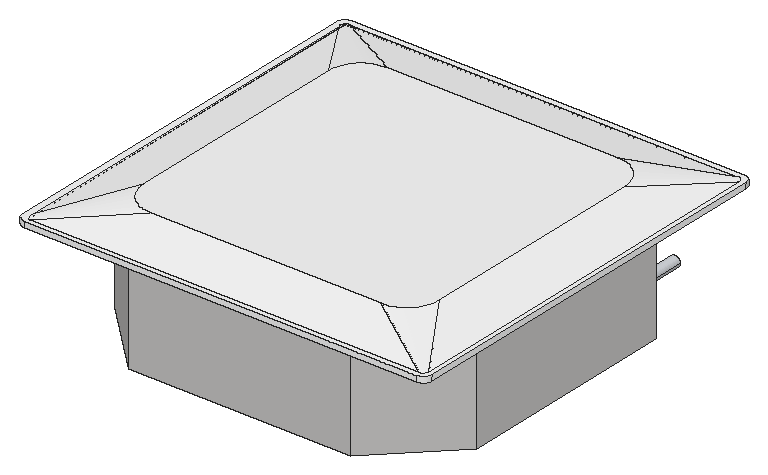
Revit family "Indoor_Unit-VRF-Ductless-JCI-4_Way_Cassette-0.7_4Ton-208_230V", category Mechanical Equipment, host Face, Revit 2014
Parameters (values of type "1 Ton - 208V /1PH 60Hz")
  Width = 33 1/16"
  Voltage = 0 V
  URL = "http://www.johnsoncontrols.com"
  Type Comments = "01 Ton Indoor Unit"
  Sound Pressure Level = "35 dB"
  Show Clearance [instance] = no
  Refrigerant Used = "R410A"  # constant formula
  Refrigerant Charge = 0.00 lbf
  Product Page URL = "http://www.johnsoncontrols.com/content/us/en/products/building_efficiency/products-and-systems/integrated_hvac_systems/Industrial___Commercial_HVAC_Equipment/Variable_Refrigerant_Flow_Systems_.html"
  Product Documentation Link = "http://www.johnsoncontrols.com/content/dam/WWW/jci/be/integrated_hvac_systems/hvac_equipment/variable_refrigerant/Catalog%202015%20VRF%20catalog_012115_D_FNL.pdf"
  Power Factor = 1
  Phase = 1
  Nominal Heating Capacity = 13500.0 Btu/h
  Nominal Cooling Capacity = 12000.0 Btu/h
  Net Weight = 46.00 lbf
  Model = "YIC4012B21S"
  Minimum Circuit Ampacity = 0.4 A
  Manufacturer = "Johnson Controls Inc."  # constant formula
  Liquid Line Radius = Liquid Connection Diameter / 2  # 1/8"
  Liquid Connection Diameter = 1/4"
  Height = 9 3/4"
  Heating Nominal Input Power = 50 VA
  Gross Weight = Net Weight + 14.00 lbf  # 60.00 lbf
  Gas Line Radius = Gas Connection Diameter / 2  # 1/4"
  Gas Connection Diameter = 1/2"
  Full Load Current = 0 A
  Frequency = 60 Hz  # constant formula
  Frame Finish = Metal - JCI - Steel - Galvanized - 18ga
  Facing Finish = Metal - JCI - Aluminum - Powder Coated - Pearl White
  Drain Pipe Radius = Drain Connection Size / 2  # 31/64"
  Drain Connection Size = 31/32"
  Description = "VRF Indoor 4-Way-Cassette"  # constant formula
  Depth = Width  # 33 1/16"
  Default Elevation = 94 1/2"
  Copyright © = "2015 Johnson Controls Inc."  # constant formula
  Cooling Nominal Input Power = 50 VA
  Clearance Offset Top [instance] = 13/32"
  Clearance Offset Right [instance] = 9 11/16"
  Clearance Offset Left [instance] = 9 11/16"
  Clearance Offset Front [instance] = 3 15/16"
  Clearance Offset Bottom [instance] = 94 1/2"
  Clearance Offset Back [instance] = 3 15/16"
  CTRL Ceiling Opening = Width + 1 25/64" + 1 25/64"  # 35 27/32"
  Assembly Code = "D3040100"
  Apparent Load = 0 VA
  Air Flow Rate = 0 CFM
Reference planes (in)
  plane 1 "Center (Front/Back)": y = 0
  plane 2 "Original Bottom": z = 0
  plane 3 "Center (Left/Right)": x = 0
  plane 4 "Back": y = 16.53125
  plane 5 "Front": y = -16.53125
  plane 6 "Left": x = -16.53125
  plane 7 "Right": x = 16.53125
  plane 8 "Ceiling Opening Right": x = 17.92188
  plane 9 "Ceiling Opening Left": x = -17.92187
  plane 10 "Ceiling Opening Back": y = 17.92187
  plane 11 "Ceiling Opening Front": y = -17.92188
  plane 12 "Face Panel Right": x = 18.70313
  plane 13 "Face Panel Left": x = -18.70312
  plane 14 "Face Panel Back": y = 18.70312
  plane 15 "Face Panel Front": y = -18.70313
  plane 16 "Frame Bottom": z = -9.75
  plane 17 "Frame Top": z = 0
  plane 18 "Panel Face": z = 1.5625
  plane 19 "Top Offset": z = 0.5
  plane 20 "Pipe Host Face": y = 13.21875
  plane 21 "Gas Pipe Center L/R": x = -12.78125
  plane 22 "Liquid Pipe Center L/R": x = -10.21875
  plane 23 "Drain Pipe Center L/R": x = 13.3125
  plane 24 "Panel Slope L": x = -13.53125
  plane 25 "Panel Slope R": x = 13.53125
  plane 26 "Panel Slope F": y = -13.53125
  plane 27 "Panel Slope B": y = 13.53125
  plane 28 "Air Outlet F": y = -10.25
  plane 29 "Air Outlet B": y = 10.25
  plane 30 "Air Outlet R": x = 10.25
  plane 31 "Air Outlet L": x = -10.25
  plane 32 "Gas Pipe Back": y = 16.21875
  plane 33 "Liquid Pipe Back": y = 16.75
  plane 34 "Drain Pipe Back": y = 16.53125
  plane 35 "Drain Pipe Height": z = -7.25
  plane 36 "Liquid Pipe Height": z = -6.1875
  plane 37 "Gas Pipe Height": z = -5.5
  plane 38 "Clearance Back": y = 20.46875
  plane 39 "Clearance Front": y = -20.46875
  plane 40 "Clearance Right": x = 26.21875
  plane 41 "Clearance Left": x = -26.21875
  plane 42 "Clearance Top": z = 94.5
  plane 43 "Clearance Bottom": z = -10.15625
Forms (in)
  Extrusion 1, solid, material "Metal - JCI - Steel - Galvanized - 18ga" <- "Frame Finish"
    sketch origin (0, 0, 0) x (1, 0, 0) y (0, 1, 0)
      loop
        line (-16.53125, 13.21875) -> (-16.53125, -10.11878) -> (-10.11878, -16.53125) -> (10.11878, -16.53125) -> (16.53125, -10.11878) -> (16.53125, 10.38122) -> (10.38122, 16.53125) -> (-7.36878, 16.53125) -> (-9.28125, 13.21875) -> (-16.53125, 13.21875)
    from -9.75 to 0
  Sweep 2, void
    path origin (0, 0, 0) x (1, 0, 0) y (0, 0, 1)
      loop
        line (0, 1.5625) -> (0, -9.75)
    profile origin (0, 0, -4.09375) x (0, -1, 0) y (1, 0, 0)
      loop
        line (-17.92188, -17.92187) -> (17.92187, -17.92187) -> (17.92187, 17.92188) -> (-17.92188, 17.92188) -> (-17.92188, -17.92187)
  Sweep 3, solid, material "Metal - JCI - Aluminum - Powder Coated - Pearl White" <- "Facing Finish"
    path origin (0, 0, 0) x (1, 0, 0) y (0, 1, 0)
      loop
        arc (-17.92187, 18.70312) -> (-18.4743, 18.4743) -> (-18.70312, 17.92187) r 0.78125
        line (-18.70312, 17.92187) -> (-18.70312, -17.92188)
        arc (-18.70312, -17.92188) -> (-18.4743, -18.4743) -> (-17.92187, -18.70313) r 0.78125
        line (-17.92187, -18.70313) -> (17.92188, -18.70313)
        arc (17.92188, -18.70313) -> (18.4743, -18.4743) -> (18.70313, -17.92188) r 0.78125
        line (18.70313, -17.92188) -> (18.70313, 17.92187)
        arc (18.70313, 17.92187) -> (18.4743, 18.4743) -> (17.92188, 18.70312) r 0.78125
        line (17.92188, 18.70312) -> (-17.92187, 18.70312)
    profile origin (0, 18.70312, 0) x (0, 1, 0) y (0, 0, 1)
      loop
        line (0, 0) -> (0, 0.5) -> (-0.75, 0.5) -> (-0.75, 0) -> (0, 0)
  SweptBlend 4, solid, material "Metal - JCI - Aluminum - Powder Coated - Pearl White" <- "Facing Finish"
    path origin (0, 0, 0) x (1, 0, 0) y (0, 0, 1)
      loop
        line (0, 0.5) -> (0, 1.5625)
    profile origin (0, 0, 0.5) x (-1, 0, 0) y (0, -1, 0)
      loop
        arc (17.70313, -18.20313) -> (18.05668, -18.05668) -> (18.20313, -17.70313) r 0.5
        line (18.20313, -17.70313) -> (18.20313, 17.70312)
        arc (18.20313, 17.70312) -> (18.05668, 18.05668) -> (17.70313, 18.20312) r 0.5
        line (17.70313, 18.20312) -> (-17.70312, 18.20312)
        arc (-17.70312, 18.20312) -> (-18.05668, 18.05668) -> (-18.20313, 17.70312) r 0.5
        line (-18.20313, 17.70312) -> (-18.20313, -17.70313)
        arc (-18.20313, -17.70313) -> (-18.05668, -18.05668) -> (-17.70313, -18.20313) r 0.5
        line (-17.70313, -18.20313) -> (17.70313, -18.20313)
    end profile origin (0, 0, 1.5625) x (-1, 0, 0) y (0, -1, 0)
      loop
        arc (-10.53125, 13.53125) -> (-12.65257, 12.65257) -> (-13.53125, 10.53125) r 3
        line (-13.53125, 10.53125) -> (-13.53125, -10.53125)
        arc (-13.53125, -10.53125) -> (-12.65257, -12.65257) -> (-10.53125, -13.53125) r 3
        line (-10.53125, -13.53125) -> (10.53125, -13.53125)
        arc (10.53125, -13.53125) -> (12.65257, -12.65257) -> (13.53125, -10.53125) r 3
        line (13.53125, -10.53125) -> (13.53125, 10.53125)
        arc (13.53125, 10.53125) -> (12.65257, 12.65257) -> (10.53125, 13.53125) r 3
        line (10.53125, 13.53125) -> (-10.53125, 13.53125)
  Sweep 5, solid
    path origin (0, 0, -5.5) x (-1, 0, 0) y (0, -1, 0)
      loop
        line (12.78125, -13.21875) -> (12.78125, -16.21875)
    profile origin (-12.78125, 14.71875, -5.5) x (-1, 0, 0) y (0, 0, 1)
      loop
        circle (0, 0) r 0.25
  Sweep 6, solid
    path origin (0, 0, -6.1875) x (-1, 0, 0) y (0, -1, 0)
      loop
        line (10.21875, -13.21875) -> (10.21875, -16.75)
    profile origin (-10.21875, 14.98437, -6.1875) x (-1, 0, 0) y (0, 0, 1)
      loop
        circle (0, 0) r 0.125
  Sweep 7, solid
    path origin (0, 0, -7.25) x (-1, 0, 0) y (0, -1, 0)
      loop
        line (-13.3125, -13.21875) -> (-13.3125, -16.53125)
    profile origin (13.3125, 14.875, -7.25) x (-1, 0, 0) y (0, 0, 1)
      loop
        circle (0, 0) r 0.48438
  Extrusion 8, solid, material "Clearance", visible <- "Show Clearance"
    sketch origin (0.77142, -0.03631, 0) x (-1, 0, 0) y (0, -1, 0)
      loop
        line (26.99017, -20.50506) -> (26.99017, 20.43244) -> (-25.44733, 20.43244) -> (-25.44733, -20.50506) -> (26.99017, -20.50506)
    from -10.15625 to 94.5
Lines and regions (in)
  Split face 1
    outline origin (-18.20312, 0, 0.5) x (0, -1, 0) y (0.975101, 0, 0.221762)
      loop
        line (-10.25, 4.3172) -> (-10.25, 1.70262) -> (10.25, 1.70262) -> (10.25, 4.3172) -> (-10.25, 4.3172)
  Split face 2
    outline origin (0, -18.20312, 0.5) x (1, 0, 0) y (0, 0.975101, 0.221762)
      loop
        line (-10.25, 4.28066) -> (-10.25, 1.71816) -> (10.25, 1.71816) -> (10.25, 4.28066) -> (-10.25, 4.28066)
  Split face 3
    outline origin (18.20313, 0, 0.5) x (0, 1, 0) y (-0.975101, 0, 0.221762)
      loop
        line (-10.25, 4.23039) -> (-10.25, 1.66789) -> (10.25, 1.66789) -> (10.25, 4.23039) -> (-10.25, 4.23039)
  Split face 4
    outline origin (0, 18.20313, 0.5) x (-1, 0, 0) y (0, -0.975101, 0.221762)
      loop
        line (-10.25, 4.23769) -> (-10.25, 1.67519) -> (10.25, 1.67519) -> (10.25, 4.23769) -> (-10.25, 4.23769)
  Split face 5
    outline origin (0, 0, 1.5625) x (1, 0, 0) y (0, 1, 0)
      loop
        line (-10.25, -10.25) -> (10.25, -10.25) -> (10.25, 10.25) -> (-10.25, 10.25) -> (-10.25, -10.25)
  Masking region 1
    outline origin (0, 0, 0.5) x (-1, 0, 0) y (0, -1, 0)
      loop
        line (18.70312, -18.70312) -> (18.70312, 18.70313) -> (-18.70313, 18.70313) -> (-18.70313, -18.70312) -> (18.70312, -18.70312)
  Masking region 2
    outline origin (0, 0, -9.75) x (-1, 0, 0) y (0, -1, 0)
      loop
        line (7.36878, -16.53125) -> (9.28125, -13.21875) -> (16.53125, -13.21875) -> (16.53125, 16.53125) -> (-16.53125, 16.53125) -> (-16.53125, -16.53125) -> (7.36878, -16.53125)
  Masking region 3
    outline origin (0, 0, -5.5) x (-1, 0, 0) y (0, -1, 0)
      loop
        line (-16.53125, -10.38122) -> (-10.38122, -16.53125) -> (7.36878, -16.53125) -> (9.28125, -13.21875) -> (16.53125, -13.21875) -> (16.53125, 10.11878) -> (10.11878, 16.53125) -> (-10.11878, 16.53125) -> (-16.53125, 10.11878) -> (-16.53125, -10.38122)
  symbolic lines, detail levels medium+fine
    curve 1: line (-13.53125, 10.53125, 1.5625) -> (-13.53125, -10.53125, 1.5625)
    curve 2: arc (-13.53125, -10.53125, 1.5625) -> (-12.65257, -12.65257, 1.5625) -> (-10.53125, -13.53125, 1.5625) r 3
    curve 3: line (-10.53125, -13.53125, 1.5625) -> (10.53125, -13.53125, 1.5625)
    curve 4: arc (10.53125, -13.53125, 1.5625) -> (12.65257, -12.65257, 1.5625) -> (13.53125, -10.53125, 1.5625) r 3
    curve 5: line (13.53125, -10.53125, 1.5625) -> (13.53125, 10.53125, 1.5625)
    curve 6: arc (13.53125, 10.53125, 1.5625) -> (12.65257, 12.65257, 1.5625) -> (10.53125, 13.53125, 1.5625) r 3
    curve 7: line (10.53125, 13.53125, 1.5625) -> (-10.53125, 13.53125, 1.5625)
    curve 8: arc (-10.53125, 13.53125, 1.5625) -> (-12.65257, 12.65257, 1.5625) -> (-13.53125, 10.53125, 1.5625) r 3
  symbolic lines, detail levels fine
    curve 9: line (-10.25, 10.25, 1.5625) -> (10.25, 10.25, 1.5625)
    curve 10: line (-10.25, -10.25, 1.5625) -> (-10.25, 10.25, 1.5625)
    curve 11: line (10.25, -10.25, 1.5625) -> (-10.25, -10.25, 1.5625)
    curve 12: line (10.25, 10.25, 1.5625) -> (10.25, -10.25, 1.5625)
    curve 13: line (14.07807, -10.25, 1.5625) -> (14.07807, 10.25, 1.5625)
    curve 14: line (14.07807, 10.25, 1.5625) -> (16.57676, 10.25, 1.5625)
    curve 15: line (16.57676, 10.25, 1.5625) -> (16.57676, -10.25, 1.5625)
    curve 16: line (16.57676, -10.25, 1.5625) -> (14.07807, -10.25, 1.5625)
    curve 17: line (-16.54289, 10.25, 1.5625) -> (-16.54289, -10.25, 1.5625)
    curve 18: line (-16.54289, -10.25, 1.5625) -> (-13.99342, -10.25, 1.5625)
    curve 19: line (-13.99342, -10.25, 1.5625) -> (-13.99342, 10.25, 1.5625)
    curve 20: line (-13.99342, 10.25, 1.5625) -> (-16.54289, 10.25, 1.5625)
    curve 21: line (10.25, -16.52774, 1.5625) -> (-10.25, -16.52774, 1.5625)
    curve 22: line (-10.25, -16.52774, 1.5625) -> (-10.25, -14.02905, 1.5625)
    curve 23: line (-10.25, -14.02905, 1.5625) -> (10.25, -14.02905, 1.5625)
    curve 24: line (10.25, -14.02905, 1.5625) -> (10.25, -16.52774, 1.5625)
    curve 25: line (-10.25, 14.07095, 1.5625) -> (10.25, 14.07095, 1.5625)
    curve 26: line (10.25, 14.07095, 1.5625) -> (10.25, 16.56965, 1.5625)
    curve 27: line (10.25, 16.56965, 1.5625) -> (-10.25, 16.56965, 1.5625)
    curve 28: line (-10.25, 16.56965, 1.5625) -> (-10.25, 14.07095, 1.5625)
  model lines, style "Clearance", visible <- "Show Clearance"
    curve 29: line (26.21875, -20.46875, 94.5) -> (-26.21875, -20.46875, 94.5)
    curve 30: line (-26.21875, -20.46875, 94.5) -> (-26.21875, -20.46875, -10.15625)
    curve 31: line (-26.21875, -20.46875, -10.15625) -> (26.21875, -20.46875, -10.15625)
    curve 32: line (26.21875, -20.46875, -10.15625) -> (26.21875, -20.46875, 94.5)
    curve 33: line (-26.21875, 20.46875, 94.5) -> (26.21875, 20.46875, 94.5)
    curve 34: line (26.21875, 20.46875, 94.5) -> (26.21875, 20.46875, -10.15625)
    curve 35: line (26.21875, 20.46875, -10.15625) -> (-26.21875, 20.46875, -10.15625)
    curve 36: line (-26.21875, 20.46875, -10.15625) -> (-26.21875, 20.46875, 94.5)
    curve 37: line (-26.21875, -20.46875, 94.5) -> (-26.21875, 20.46875, 94.5)
    curve 38: line (-26.21875, 20.46875, -10.15625) -> (-26.21875, -20.46875, -10.15625)
    curve 39: line (26.21875, 20.46875, 94.5) -> (26.21875, -20.46875, 94.5)
    curve 40: line (26.21875, -20.46875, -10.15625) -> (26.21875, 20.46875, -10.15625)
Dimensions and locks (in)
  equal spacing: plane 6 "Left", plane 3 "Center (Left/Right)", plane 7 "Right"
  "Width": plane 6 "Left" to plane 7 "Right"
  equal spacing: plane 4 "Back", plane 1 "Center (Front/Back)", plane 5 "Front"
  "Depth": plane 5 "Front" to plane 4 "Back"
  locked: plane 13 "Face Panel Left" to plane 9 "Ceiling Opening Left" at 0.78125
  locked: plane 8 "Ceiling Opening Right" to plane 12 "Face Panel Right" at 0.78125
  equal spacing: plane 9 "Ceiling Opening Left", plane 3 "Center (Left/Right)", plane 8 "Ceiling Opening Right"
  "CTRL Ceiling Opening": plane 9 "Ceiling Opening Left" to plane 8 "Ceiling Opening Right"
  locked: plane 15 "Face Panel Front" to plane 11 "Ceiling Opening Front" at 0.78125
  locked: plane 14 "Face Panel Back" to plane 10 "Ceiling Opening Back" at 0.78125
  equal spacing: plane 10 "Ceiling Opening Back", plane 1 "Center (Front/Back)", plane 11 "Ceiling Opening Front"
  "CTRL Ceiling Opening": plane 10 "Ceiling Opening Back" to plane 11 "Ceiling Opening Front"
  "Height": plane 17 "Frame Top" to plane 16 "Frame Bottom"
  locked: plane 18 "Panel Face" to plane 17 "Frame Top" at 1.5625
  locked: plane 19 "Top Offset" to plane 17 "Frame Top" at 0.5
  locked: plane 4 "Back" to plane 20 "Pipe Host Face" at 3.3125
  locked: plane 6 "Left" to plane 21 "Gas Pipe Center L/R" at 3.75
  locked: plane 6 "Left" to plane 22 "Liquid Pipe Center L/R" at 6.3125
  locked: plane 6 "Left" to plane 23 "Drain Pipe Center L/R" at 29.84375
  locked: plane 6 "Left" to Extrusion 1 sketch curve at 7.25
  locked: plane 6 "Left" to Extrusion 1 sketch curve at 9.16247
  locked: Extrusion 1 sketch curve to plane 7 "Right" at 6.15003
  locked: Extrusion 1 sketch curve to plane 7 "Right" at 6.41247
  locked: plane 5 "Front" to Extrusion 1 sketch curve at 6.41247  (x2)
  locked: plane 4 "Back" to Extrusion 1 sketch curve at 6.15003
  locked: plane 25 "Panel Slope R" to plane 7 "Right" at 3
  locked: plane 6 "Left" to plane 24 "Panel Slope L" at 3
  locked: plane 5 "Front" to plane 26 "Panel Slope F" at 3
  locked: plane 4 "Back" to plane 27 "Panel Slope B" at 3
  locked: plane 10 "Ceiling Opening Back" to Sweep 3 sketch curve at 0.03125
  locked: plane 14 "Face Panel Back" to SweptBlend 4 sketch curve at 0.5
  locked: SweptBlend 4 sketch curve to plane 12 "Face Panel Right" at 0.5
  locked: plane 13 "Face Panel Left" to SweptBlend 4 sketch curve at 0.5
  locked: plane 15 "Face Panel Front" to SweptBlend 4 sketch curve at 0.5
  locked: SweptBlend 4 sketch curve to SweptBlend 4 sketch curve at 0.70711  (x4)
  locked: SweptBlend 4 sketch curve to SweptBlend 4 sketch curve at 4.24264  (x4)
  equal spacing: plane 28 "Air Outlet F", plane 1 "Center (Front/Back)", plane 29 "Air Outlet B"
  locked: plane 27 "Panel Slope B" to plane 29 "Air Outlet B" at 3.28125
  locked: plane 30 "Air Outlet R" to plane 25 "Panel Slope R" at 3.28125
  equal spacing: plane 31 "Air Outlet L", plane 3 "Center (Left/Right)", plane 30 "Air Outlet R"
  locked: plane 17 "Frame Top" to plane 2 "Original Bottom"
  locked: plane 32 "Gas Pipe Back" to plane 20 "Pipe Host Face" at 3
  locked: plane 33 "Liquid Pipe Back" to plane 20 "Pipe Host Face" at 3.53125
  locked: plane 34 "Drain Pipe Back" to plane 20 "Pipe Host Face" at 3.3125
  locked: plane 17 "Frame Top" to plane 37 "Gas Pipe Height" at 5.5
  locked: plane 17 "Frame Top" to plane 36 "Liquid Pipe Height" at 6.1875
  locked: plane 17 "Frame Top" to plane 35 "Drain Pipe Height" at 7.25
  "Clearance Offset Top": plane 16 "Frame Bottom" to plane 43 "Clearance Bottom"
  "Clearance Offset Back": plane 38 "Clearance Back" to plane 4 "Back"
  "Clearance Offset Front": plane 39 "Clearance Front" to plane 5 "Front"
  "Clearance Offset Left": plane 41 "Clearance Left" to plane 6 "Left"
  "Clearance Offset Right": plane 7 "Right" to plane 40 "Clearance Right"
  "Clearance Offset Bottom": plane 42 "Clearance Top" to plane 17 "Frame Top"
  "Gas Line Radius": radius of Sweep 5 sketch curve
  "Liquid Line Radius": radius of Sweep 6 sketch curve
  "Drain Pipe Radius": radius of Sweep 7 sketch curve
  aligned and locked: plane 2 "Original Bottom" to host face
  aligned and locked: level to host face
  aligned and locked: Extrusion 1 sketch curve to plane 4 "Back"
  aligned and locked: Extrusion 1 sketch curve to plane 7 "Right"
  aligned and locked: Extrusion 1 sketch curve to plane 5 "Front"
  aligned and locked: Extrusion 1 sketch curve to plane 6 "Left"
  aligned and locked: Extrusion 1 sketch curve to plane 20 "Pipe Host Face"
  aligned and locked: Extrusion 1 to plane 16 "Frame Bottom"
  aligned and locked: plane 17 "Frame Top" to Extrusion 1
  aligned and locked: Sweep 2 sketch curve to plane 3 "Center (Left/Right)"
  aligned and locked: plane 18 "Panel Face" to Sweep 2 sketch curve
  aligned and locked: plane 16 "Frame Bottom" to Sweep 2 sketch curve
  aligned and locked: Sweep 2 sketch curve to plane 10 "Ceiling Opening Back"
  aligned and locked: Sweep 2 sketch curve to plane 8 "Ceiling Opening Right"
  aligned and locked: Sweep 2 sketch curve to plane 11 "Ceiling Opening Front"
  aligned and locked: Sweep 2 sketch curve to plane 9 "Ceiling Opening Left"
  aligned and locked: plane 3 "Center (Left/Right)" to SweptBlend 4 sketch curve
  aligned and locked: plane 18 "Panel Face" to SweptBlend 4 sketch curve
  aligned and locked: plane 19 "Top Offset" to SweptBlend 4 sketch curve
  aligned and locked: Sweep 3 sketch curve to plane 12 "Face Panel Right"
  aligned and locked: Sweep 3 sketch curve to plane 15 "Face Panel Front"
  aligned and locked: Sweep 3 sketch curve to plane 13 "Face Panel Left"
  aligned and locked: Sweep 3 sketch curve to plane 14 "Face Panel Back"
  aligned and locked: plane 14 "Face Panel Back" to Sweep 3 sketch curve
  aligned and locked: plane 17 "Frame Top" to Sweep 3 sketch curve
  aligned and locked: plane 19 "Top Offset" to Sweep 3 sketch curve
  aligned and locked: plane 8 "Ceiling Opening Right" to Sweep 3 sketch curve  (x2)
  aligned and locked: plane 10 "Ceiling Opening Back" to Sweep 3 sketch curve  (x2)
  aligned and locked: plane 9 "Ceiling Opening Left" to Sweep 3 sketch curve  (x2)
  aligned and locked: plane 11 "Ceiling Opening Front" to Sweep 3 sketch curve  (x2)
  aligned and locked: SweptBlend 4 sketch curve to plane 24 "Panel Slope L"
  aligned and locked: SweptBlend 4 sketch curve to plane 27 "Panel Slope B"
  aligned and locked: SweptBlend 4 sketch curve to plane 25 "Panel Slope R"
  aligned and locked: SweptBlend 4 sketch curve to plane 26 "Panel Slope F"
  aligned and locked: Split face 1 sketch curve to plane 29 "Air Outlet B"
  aligned and locked: Split face 1 sketch curve to plane 28 "Air Outlet F"
  aligned and locked: plane 31 "Air Outlet L" to Split face 2 sketch curve
  aligned and locked: plane 30 "Air Outlet R" to Split face 2 sketch curve
  aligned and locked: Split face 3 sketch curve to plane 28 "Air Outlet F"
  aligned and locked: Split face 3 sketch curve to plane 29 "Air Outlet B"
  aligned and locked: plane 30 "Air Outlet R" to Split face 4 sketch curve
  aligned and locked: plane 31 "Air Outlet L" to Split face 4 sketch curve
  aligned and locked: plane 32 "Gas Pipe Back" to Sweep 5 sketch curve
  aligned and locked: plane 20 "Pipe Host Face" to Sweep 5 sketch curve
  aligned and locked: Sweep 5 sketch curve to plane 21 "Gas Pipe Center L/R"
  aligned and locked: plane 37 "Gas Pipe Height" to Sweep 5 sketch curve
  aligned and locked: plane 21 "Gas Pipe Center L/R" to Sweep 5 sketch curve
  aligned and locked: Sweep 6 sketch curve to plane 22 "Liquid Pipe Center L/R"
  aligned and locked: plane 20 "Pipe Host Face" to Sweep 6 sketch curve
  aligned and locked: plane 33 "Liquid Pipe Back" to Sweep 6 sketch curve
  aligned and locked: plane 36 "Liquid Pipe Height" to Sweep 6 sketch curve
  aligned and locked: plane 22 "Liquid Pipe Center L/R" to Sweep 6 sketch curve
  aligned and locked: plane 34 "Drain Pipe Back" to Sweep 7 sketch curve
  aligned and locked: Sweep 7 sketch curve to plane 23 "Drain Pipe Center L/R"
  aligned and locked: plane 20 "Pipe Host Face" to Sweep 7 sketch curve
  aligned and locked: plane 35 "Drain Pipe Height" to Sweep 7 sketch curve
  aligned and locked: plane 23 "Drain Pipe Center L/R" to Sweep 7 sketch curve
  aligned and locked: plane 29 "Air Outlet B" to Split face 5 sketch curve
  aligned and locked: Split face 5 sketch curve to plane 31 "Air Outlet L"
  aligned and locked: Split face 5 sketch curve to plane 30 "Air Outlet R"
  aligned and locked: plane 28 "Air Outlet F" to Split face 5 sketch curve
  aligned and locked: plane 41 "Clearance Left" to Extrusion 8
  aligned and locked: plane 40 "Clearance Right" to Extrusion 8
  aligned and locked: Extrusion 8 to plane 39 "Clearance Front"
  aligned and locked: plane 38 "Clearance Back" to Extrusion 8
  aligned and locked: plane 42 "Clearance Top" to Extrusion 8
  aligned and locked: Extrusion 8 to plane 43 "Clearance Bottom"
  aligned and locked: Masking region 1 sketch curve to plane 14 "Face Panel Back"
  aligned and locked: Masking region 1 sketch curve to plane 13 "Face Panel Left"
  aligned and locked: Masking region 1 sketch curve to plane 15 "Face Panel Front"
  aligned and locked: Masking region 1 sketch curve to plane 12 "Face Panel Right"
  aligned and locked: curve 2 to SweptBlend 4
  aligned and locked: curve 4 to SweptBlend 4
  aligned and locked: curve 6 to SweptBlend 4
  aligned and locked: curve 8 to SweptBlend 4
  aligned and locked: plane 30 "Air Outlet R" to curve 12
  aligned and locked: curve 11 to plane 28 "Air Outlet F"
  aligned and locked: plane 31 "Air Outlet L" to curve 10
  aligned and locked: curve 9 to plane 29 "Air Outlet B"
  aligned and locked: curve 13 to SweptBlend 4
  aligned and locked: curve 15 to SweptBlend 4
  aligned and locked: Split face 3 to plane 29 "Air Outlet B"
  aligned and locked: Split face 3 to plane 28 "Air Outlet F"
  aligned and locked: curve 17 to SweptBlend 4
  aligned and locked: curve 19 to SweptBlend 4
  aligned and locked: Split face 1 to plane 29 "Air Outlet B"
  aligned and locked: Split face 1 to plane 28 "Air Outlet F"
  aligned and locked: curve 21 to SweptBlend 4
  aligned and locked: curve 23 to SweptBlend 4
  aligned and locked: plane 30 "Air Outlet R" to Split face 2
  aligned and locked: plane 31 "Air Outlet L" to Split face 2
  aligned and locked: curve 25 to SweptBlend 4
  aligned and locked: curve 27 to SweptBlend 4
  aligned and locked: curve 28 to plane 31 "Air Outlet L"
  aligned and locked: curve 26 to plane 30 "Air Outlet R"
  aligned and locked: Masking region 2 sketch curve to plane 4 "Back"
  aligned and locked: Masking region 2 sketch curve to plane 7 "Right"
  aligned and locked: Masking region 2 sketch curve to plane 5 "Front"
  aligned and locked: Masking region 2 sketch curve to plane 6 "Left"
  aligned and locked: Masking region 2 sketch curve to Extrusion 1
  aligned and locked: plane 20 "Pipe Host Face" to Masking region 2 sketch curve
  aligned and locked: Masking region 3 sketch curve to Extrusion 1  (x9)
  aligned and locked: curve 29 to Extrusion 8
  aligned and locked: curve 30 to Extrusion 8
  aligned and locked: curve 31 to Extrusion 8
  aligned and locked: curve 32 to Extrusion 8
  aligned and locked: curve 33 to Extrusion 8
  aligned and locked: curve 34 to Extrusion 8
  aligned and locked: curve 35 to Extrusion 8
  aligned and locked: curve 36 to Extrusion 8
  aligned and locked: curve 37 to Extrusion 8
  aligned and locked: curve 38 to Extrusion 8
  aligned and locked: curve 39 to Extrusion 8
  aligned and locked: curve 40 to Extrusion 8
Automatic sketch dimensions
  host sketch curve to host sketch curve = 96"  (x2)
  Extrusion 1 sketch curve to plane 22 "Liquid Pipe Center L/R" = 0.09997"
  SweptBlend 4 to Split face 1 sketch curve = 1.70262"
  SweptBlend 4 to Split face 1 sketch curve = 0.47397"
  SweptBlend 4 to Split face 2 sketch curve = 1.71816"
  SweptBlend 4 to Split face 2 sketch curve = 0.51051"
  SweptBlend 4 to Split face 3 sketch curve = 1.66789"
  SweptBlend 4 to Split face 3 sketch curve = 0.56078"
  SweptBlend 4 to Split face 4 sketch curve = 1.67519"
  SweptBlend 4 to Split face 4 sketch curve = 0.55348"
  plane 38 "Clearance Back" to Extrusion 8 sketch curve = 0"
  Extrusion 8 sketch curve to plane 40 "Clearance Right" = 0"
  Extrusion 8 sketch curve to plane 39 "Clearance Front" = 0"
  Extrusion 8 sketch curve to plane 41 "Clearance Left" = 0"
  curve 13 to plane 29 "Air Outlet B" = 0"
  plane 28 "Air Outlet F" to curve 15 = 0"
  curve 20 to plane 29 "Air Outlet B" = 0"
  plane 28 "Air Outlet F" to curve 19 = 0"
  curve 23 to plane 30 "Air Outlet R" = 0"
  curve 21 to plane 31 "Air Outlet L" = 0"
  Masking region 2 sketch curve to plane 7 "Right" = 0"  (x2)
  Masking region 2 sketch curve to plane 6 "Left" = 0"
  Masking region 2 sketch curve to plane 4 "Back" = 0"
  plane 5 "Front" to Masking region 2 sketch curve = 0"  (x2)
  curve 37 to plane 38 "Clearance Back" = 0"
  curve 37 to plane 39 "Clearance Front" = 0"
  curve 38 to plane 38 "Clearance Back" = 0"
  curve 38 to plane 39 "Clearance Front" = 0"
  curve 39 to plane 38 "Clearance Back" = 0"
  curve 39 to plane 39 "Clearance Front" = 0"
  curve 40 to plane 38 "Clearance Back" = 0"
  curve 40 to plane 39 "Clearance Front" = 0"
Connectors (in)
  piping at (-12.78125, 16.21875, -5.5), diameter 0.5, driven by "Gas Line Radius"
    settings: on Sweep 5, index 1, connector inside diameter 1/2", connector length 0", flow factor 0, pipe flow 0 GPM, pressure drop 0.00 psi, fitting loss kfactor 0, connector angle 0.00°, fixture units 0, engagement length 0", angle of deflection 0.00°, flow configuration 0, flow direction 0, fitting loss method 0, system type 29, joint type 0, gender type 0, connector reference index -1, connector utility 0, adjustable connector no, is connector primary yes, connector description "Gass Connection"
  piping at (-10.21875, 16.75, -6.1875), diameter 0.25, driven by "Liquid Line Radius"
    settings: on Sweep 6, index 2, connector inside diameter 1/4", connector length 0", flow factor 0, pipe flow 0 GPM, pressure drop 0.00 psi, fitting loss kfactor 0, connector angle 0.00°, fixture units 0, engagement length 0", angle of deflection 0.00°, flow configuration 0, flow direction 0, fitting loss method 0, system type 29, joint type 0, gender type 0, connector reference index -1, connector utility 0, adjustable connector no, is connector primary no, connector description "Liquid Pipe Connection"
  piping at (13.3125, 16.53125, -7.25), diameter 0.96875, driven by "Drain Pipe Radius"
    settings: on Sweep 7, index 3, connector inside diameter 31/32", connector length 0", flow factor 0, pipe flow 0 GPM, pressure drop 0.00 psi, fitting loss kfactor 0, connector angle 0.00°, fixture units 0, engagement length 0", angle of deflection 0.00°, flow configuration 1, flow direction 2, fitting loss method 0, system type 16, joint type 0, gender type 0, connector reference index -1, connector utility 0, adjustable connector no, is connector primary no, connector description "Drain Connection"
  electrical at (-12.90625, 13.21875, -4.875), driven by "Voltage", driven by "Apparent Load", driven by "Power Factor"
    settings: on Extrusion 1, index 4, voltage 0 V, apparent load 0 VA, apparent load phase1 0 VA, apparent load phase2 0 VA, apparent load phase3 0 VA, power factor 1, load classification "HVAC", number of poles 1, system type 30, power factor state 1, is connector primary yes, connector utility no, sub classification motor no, connector description "Electric Power Connection"
